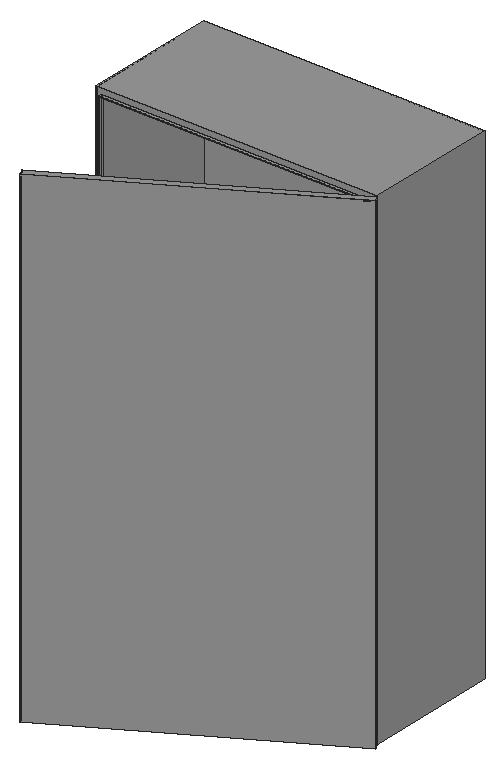
Revit family "Hager-Univers-IP55-D400-H1400-Cl.I-Steel_encl-NoHosted-CH-de", category Equipement électrique, Revit 2020
Family settings
  Configuration du panneau = Deux colonnes, circuits au sein
  Cote de connecteur circulaire = Utiliser le diamètre
  Type d'élément = Tableau de raccordement
  Basée sur le plan de construction = Oui
  Toujours verticalement = Oui
  Couper avec des vides une fois chargée = Non
  Partagée = Non
  Point de calcul de pièce = Non
Parameters (values of type "Aufputz IP55 B800 H1400 T400  - FR93G")
  Width Control [instance] = if([EF000008 - Breite] > Min Width, [EF000008 - Breite], Min Width)  # 800 mm
  Commentaires du type = [HG000003 - Bereich]  # "Univers"
  Thickness Door [instance] = if([EF009171 - Materialstärke Tür/Deckel] > 3 mm, 3 mm, [EF009171 - Materialstärke Tür/Deckel])  # 1.5 mm
  Seal Frame Offset [instance] = 17 mm  # constant formula
  Plinth Visibility [instance] = [HG000027 - Sockelhöhe] > 0 mm  # no
  Min Width [instance] = 100 mm  # constant formula
  Min Depth [instance] = (2 * [EF009170 - Materialstärke Gehäuse]) + 1 mm  # 4 mm
  Min Height [instance] = 100 mm  # constant formula
  Internal Frame Depth [instance] = (Door System Depth * 0.5)  # 9 mm
  Panel Name [instance] = ""  # (empty or 0)
  Model = ""
  HG000027 - Sockelhöhe = 0 mm
  HG000026 - Stehend auf dem Boden = no
  HG000024 - Höhe des unteren Teils = 600 mm
  HG000023 - Gehäuse mit doppeltem Querschnitt = no
  HG000016 - 3D-Türsichtbarkeit [instance] = yes
  HG000015 - Sichtbarkeit der Türöffnung [instance] = no
  HG000014 - Tür rechts [instance] = yes
  HG000013 - Tür links [instance] = not([HG000014 - Tür rechts])  # no
  HG000012 - Türschwenkwinkel [instance] = 30.00°
  HG000010 - Asymmetrische Türen = no
  HG000009 - Doppelflügeligen Tür = no
  HG000006 - Unterputz = no
  HG000004 - Herstellerreferenz = "FR93G"
  HG000003 - Bereich = "Univers"
  HG000002 - Mit tür = yes
  Frame Offset Bottom [instance] = 10 mm  # constant formula
  Frame Offset [instance] = 15 mm  # constant formula
  EF015940 - Deckel mit Überdruckentlastung = no
  EF011959 - Schutzart (NEMA) = ""
  EF009554 - Anzahl der Öffnungen für Flanschplatten = 6
  EF009212 - Ausführung Deckel = "EV000116 - geschlossen"
  EF009171 - Materialstärke Tür/Deckel = 1.5 mm
  EF009170 - Materialstärke Gehäuse = 1.5 mm
  EF008873 - Nennstrom (In) = 800 A
  EF007800 - Geeignet für Blitzschutz = no
  EF006306 - Mit Schloss = no
  EF006244 - Transparenter Deckel/Tür = no
  EF005474 - Schutzart (IP) = "EV006420 - IP55"
  EF004464 - Art der Tür = "EV002646 - Einzel"
  EF004427 - Anzahl der Module = 324
  EF004293 - Schlagfestigkeit = "EV008784 - IK10"
  EF003532 - Geeignet für Außengebrauch = no
  EF002950 - Breite in Teilungseinheiten = 24
  EF001613 - Funktionserhalt = "EV000494 - ohne"
  EF001596 - Werkstoff des Gehäuses = "EV000179 - Stahl"
  EF001131 - Innentiefe = 400 mm
  EF001088 - Anbaumöglichkeit = yes
  EF000437 - Anzahl der Leitungseinführungen = 6
  EF000339 - Art der Abdeckung = "EV004216 - Tür"
  EF000266 - Anzahl der Reihen = 9
  EF000218 - Einbautiefe = 0 mm
  EF000118 - Mit Montageplatte = no
  EF000116 - RAL-Nummer = "7035"
  EF000049 - Tiefe = 400 mm
  EF000040 - Höhe = 1400 mm
  EF000008 - Breite = 800 mm
  EF000007 - Farbe = "EV000270 - grau"
  EF000003 - Montageart = "EV000384 - Aufputz"
  Door System Leaf Tolerance [instance] = 1.5 mm  # constant formula
  Door System Depth [instance] = 18 mm  # constant formula
  Door Height [instance] = Height Control - [HG000027 - Sockelhöhe]  # 1400 mm
  Description = ""
  Default Elevation = 1219.2 mm
  Connector Offset [instance] = Height Control / 2  # 700 mm
  Fabricant = "Hager"  # constant formula
  Height Control [instance] = if([EF000040 - Höhe] > Min Height, [EF000040 - Höhe], Min Height)  # 1400 mm
  Depth Control [instance] = if([EF000049 - Tiefe] > Min Depth, [EF000049 - Tiefe], Min Depth)  # 400 mm
  Bottom Top Plate Trim [instance] = 1.5 mm  # constant formula
  Plinth height Ctrl [instance] = if([HG000027 - Sockelhöhe] > 0 mm, [HG000027 - Sockelhöhe], 12 mm)  # 12 mm
Types (3, lengths in mm): name | Width Control | HG000009 - Doppelflügeligen Tür | HG000004 - Herstellerreferenz | EF009554 - Anzahl der Öffnungen für Flanschplatten | EF004464 - Art der Tür | EF004427 - Anzahl der Module | EF000437 - Anzahl der Leitungseinführungen | EF000008 - Breite
  Aufputz IP55 B1050 H1400 T400  - FR94G | 1050 | yes | "FR94G" | 8 | "EV003602 - Doppel" | 432 | 8 | 1050
  Aufputz IP55 B550 H1400 T400  - FR92G | 550 | no | "FR92G" | 4 | "EV002646 - Einzel" | 216 | 4 | 550
  Aufputz IP55 B800 H1400 T400  - FR93G | 800 | no | "FR93G" | 6 | "EV002646 - Einzel" | 324 | 6 | 800
Reference planes
  plane 1 "Center (Front/Back)": y = 0
  plane 2: z = 0
  plane 3 "Center (Left/Right)": x = 0
  plane 4: y = 0
  plane 5: y = 0
  plane 6: z = 0
  plane 7: x = -400
  plane 8: x = 400
  plane 9: x = 398.5
  plane 10: x = -398.5
  plane 11: z = 0
  plane 12: z = 1.5
  plane 13: y = -400
  plane 14: y = -1.5
  plane 15: x = 0
  plane 16: y = -382
  plane 17: y = -398.5
  plane 18: y = -380.5
  plane 19: x = -383.5
  plane 20: x = 383.5
  plane 21: z = 11.5
  plane 22: x = -383
  plane 23: x = 383
  plane 24: z = 0
  plane 25: z = 1400
  plane 26: z = 1400
  plane 27: z = 1383.5
  plane 28: z = 1398.5
Forms (mm)
  Extrusion 1, solid, material "Hager_Steel_RAL7035_Light_Grey", detail levels medium+fine
    sketch origin (-208.679, -4572, 0) x (-1, 0, 0) y (0, -1, 0)
      loop
        line (191.321, -4190) -> (-608.679, -4190) -> (-608.679, -4572) -> (191.321, -4572) -> (191.321, -4190)
    from 0 to 1400
  Extrusion 2, void
    sketch origin (-350.771, -400, 1219.2) x (1, 0, 0) y (0, 0, 1)
      loop
        line (-47.729, 179.3) -> (-47.729, -1217.7) -> (749.271, -1217.7) -> (749.271, 179.3) -> (-47.729, 179.3)
    from -19.5 to -398.5
  Extrusion 3, void
    sketch origin (-290.084, -382, 1219.2) x (1, 0, 0) y (0, 0, 1)
      loop
        line (-93.416, -1207.7) -> (673.584, -1207.7) -> (673.584, 164.3) -> (-93.416, 164.3) -> (-93.416, -1207.7)
    from 0 to -1.5
  Extrusion 4, solid, material "Hager_Steel_RAL7035_Light_Grey", visible <- "Plinth Visibility", detail levels medium+fine
    sketch origin (0, 0, 0) x (1, 0, 0) y (0, 1, 0)
      loop
        line (-400, 0) -> (-400, -382) -> (400, -382) -> (400, 0) -> (-400, 0)
    from 0 to 12 <- "Plinth height Ctrl"
  Extrusion 5, solid, material "Hager_Steel_RAL7035_Light_Grey", detail levels coarse
    sketch origin (0, 0, 0) x (1, 0, 0) y (0, 1, 0)
      loop
        line (-400, 0) -> (-400, -400) -> (400, -400) -> (400, 0) -> (-400, 0)
    from 0 to 1400 <- "Height Control"
  Sweep 6, void
    path in 3D
      loop
        line (-400, -382, 12) -> (400, -382, 12) -> (400, 0, 12) -> (-400, 0, 12) -> (-400, -382, 12)
    profile origin (-400, -191, 12) x (1, 0, 0) y (0, 0, 1)
      loop
        line (0, 0) -> (0, -1.5) -> (1.5, -1.5)
        arc (1.5, -1.5) -> (1.061, -0.439) -> (0, 0) r 1.5
  Extrusion 7, solid, material "Hager_Steel_RAL7035_Light_Grey", detail levels fine
    sketch origin (-400, -382, 0) x (1, 0, 0) y (0, 0, 1)
      loop
        line (16.5, 11.5) -> (783.5, 11.5) -> (783.5, 1383.5) -> (16.5, 1383.5) -> (16.5, 11.5)
      loop
        line (15, 10) -> (785, 10) -> (785, 1385) -> (15, 1385) -> (15, 10)
    from 0 to 9 <- "Internal Frame Depth"
Cuts and joins
  Extrusion 2, Extrusion 3 cuts Extrusion 1
  Sweep 6 cuts Extrusion 4
Lines and regions (mm)
  Masking region 1
    outline origin (0, 0, 0) x (1, 0, 0) y (0, 1, 0)
      loop
        line (-400, 0) -> (-400, -400) -> (400, -400) -> (400, 0) -> (-400, 0)
  Masking region 2, detail levels coarse
    outline origin (-290.084, -382, 1219.2) x (-1, 0, 0) y (0, 0, 1)
      loop
        line (-690.084, -1219.2) -> (109.916, -1219.2) -> (109.916, 180.8) -> (-690.084, 180.8) -> (-690.084, -1219.2)
  Masking region 3, detail levels coarse
    outline origin (0, 0, 0) x (0, 1, 0) y (0, 0, 1)
      loop
        line (0, 0) -> (0, 1400) -> (-400, 1400) -> (-400, 0) -> (0, 0)
  Masking region 4, visible <- "Plinth Visibility", detail levels medium+fine
    outline origin (0, 0, 0) x (0, 1, 0) y (0, 0, 1)
      loop
        line (-1.5, 12) -> (-380.5, 12)
        arc (-380.5, 12) -> (-380.939, 10.939) -> (-382, 10.5) r 1.5
        line (-382, 10.5) -> (-382, 0) -> (0, 0) -> (0, 10.5)
        arc (0, 10.5) -> (-1.061, 10.939) -> (-1.5, 12) r 1.5
  Masking region 5, detail levels medium+fine
    outline origin (0, 0, 594.038) x (0, 1, 0) y (0, 0, 1)
      loop
        line (0, -594.038) -> (0, 805.962) -> (-382, 805.962) -> (-382, -594.038) -> (0, -594.038)
  Masking region 6, detail levels medium+fine
    outline origin (-359.7, -382, 1211.883) x (-1, 0, 0) y (0, 0, 1)
      loop
        line (-759.7, -1211.883) -> (40.3, -1211.883) -> (40.3, 188.117) -> (-759.7, 188.117) -> (-759.7, -1211.883)
  Masking region 7, visible <- "Plinth Visibility", detail levels medium+fine
    outline origin (-320.334, -382, 1041.368) x (-1, 0, 0) y (0, 0, 1)
      loop
        line (-720.334, -1041.368) -> (79.666, -1041.368) -> (79.666, -1030.868)
        arc (79.666, -1030.868) -> (78.606, -1030.429) -> (78.166, -1029.368) r 1.5
        line (78.166, -1029.368) -> (-718.834, -1029.368)
        arc (-718.834, -1029.368) -> (-719.273, -1030.429) -> (-720.334, -1030.868) r 1.5
        line (-720.334, -1030.868) -> (-720.334, -1041.368)
  sketch lines
    curve 1: line (-400, 0, 12) -> (-400, -382, 12)
    curve 2: line (-400, -382, 12) -> (400, -382, 12)
    curve 3: line (400, 0, 12) -> (-400, 0, 12)
    curve 4: line (400, -382, 12) -> (400, 0, 12)
Dimensions and locks
  locked: plane 1 "Center (Front/Back)" to plane 5
  "EF009170 - Materialstärke Gehäuse": plane 7 to plane 10
  "EF009170 - Materialstärke Gehäuse": plane 8 to plane 9
  equal spacing: plane 7, plane 3 "Center (Left/Right)", plane 8
  "Width Control": plane 7 to plane 8
  "Depth Control": plane 4 to plane 13
  "EF009170 - Materialstärke Gehäuse": plane 4 to plane 14
  "Height Control": plane 25 to level
  "HG000027 - Sockelhöhe": plane 11 to level
  "EF009170 - Materialstärke Gehäuse": plane 12 to plane 11
  "EF009170 - Materialstärke Gehäuse": plane 17 to plane 13
  "EF009170 - Materialstärke Gehäuse": plane 18 to plane 16
  "Frame Offset Bottom": plane 21 to plane 12
  "Frame Offset": plane 10 to plane 19
  "Frame Offset": plane 9 to plane 20
  "Door System Depth": plane 16 to plane 13
  "Seal Frame Offset": plane 7 to plane 22
  "Seal Frame Offset": plane 8 to plane 23
  "EF009170 - Materialstärke Gehäuse": plane 26 to plane 28
  "Frame Offset": plane 28 to plane 27
  "Connector Offset": plane 2 to connector elem
  "Bottom Top Plate Trim": profile plane to Sweep 6 sketch curve
  "Bottom Top Plate Trim": Sweep 6 sketch curve to Sweep 6 sketch curve
  "Plinth height Ctrl": Masking region 4 sketch curve to level
  "Plinth height Ctrl": Masking region 7 sketch curve to level
  "Thickness Door": Extrusion 7 sketch curve to Extrusion 7 sketch curve  (x4)
  "Bottom Top Plate Trim": radius of Sweep 6 sketch curve
  "Bottom Top Plate Trim": radius of Masking region 4 sketch curve  (x2)
  "Bottom Top Plate Trim": radius of Masking region 7 sketch curve  (x2)
  aligned and locked: Extrusion 2 sketch curve to plane 12
  aligned and locked: Extrusion 2 sketch curve to plane 9
  aligned and locked: Extrusion 2 sketch curve to plane 10
  aligned and locked: Extrusion 2 to plane 14
  aligned and locked: Extrusion 1 sketch curve to plane 4
  aligned and locked: plane 8 to Extrusion 1 sketch curve
  aligned and locked: plane 7 to Extrusion 1 sketch curve
  aligned and locked: Extrusion 2 to plane 18
  aligned and locked: Extrusion 3 sketch curve to plane 19
  aligned and locked: plane 20 to Extrusion 3 sketch curve
  aligned and locked: Extrusion 3 to Extrusion 2
  aligned and locked: Extrusion 3 sketch curve to plane 21
  aligned and locked: plane 3 "Center (Left/Right)" to nested 1
  aligned and locked: Extrusion 1 sketch curve to plane 16
  aligned and locked: Extrusion 4 sketch curve to cut or joined group of Extrusion 1, Extrusion 2, Extrusion 3
  aligned and locked: Masking region 1 sketch curve to plane 7
  aligned and locked: Masking region 1 sketch curve to plane 5
  aligned and locked: Masking region 1 sketch curve to plane 8
  aligned and locked: Masking region 2 sketch curve to level
  aligned and locked: level to Masking region 3 sketch curve
  aligned and locked: plane 1 "Center (Front/Back)" to Masking region 3 sketch curve
  aligned and locked: plane 13 to Masking region 3 sketch curve
  aligned and locked: plane 5 to Masking region 4 sketch curve
  aligned and locked: Masking region 2 sketch curve to plane 8
  aligned and locked: Masking region 2 sketch curve to plane 7
  aligned and locked: plane 7 to nested 2
  aligned and locked: nested 2 to plane 5
  aligned and locked: plane 5 to Masking region 5 sketch curve
  aligned and locked: plane 26 to Masking region 5 sketch curve
  aligned and locked: Extrusion 5 sketch curve to plane 8
  aligned and locked: Extrusion 5 sketch curve to plane 7
  aligned and locked: Extrusion 5 sketch curve to plane 5
  aligned and locked: Extrusion 3 sketch curve to plane 27
  aligned and locked: Extrusion 2 sketch curve to plane 28
  aligned and locked: Masking region 2 to plane 25
  aligned and locked: Extrusion 4 to plane 16
  aligned and locked: profile plane to Sweep 6 sketch curve
  aligned and locked: Masking region 5 sketch curve to plane 24
  aligned and locked: level to Masking region 4 sketch curve
  aligned and locked: Masking region 1 to plane 13
  aligned and locked: nested 1 to plane 16
  aligned and locked: Masking region 3 to plane 25
  aligned and locked: plane 16 to Masking region 4 sketch curve
  aligned and locked: Masking region 5 sketch curve to plane 16
  aligned and locked: plane 24 to plane 11
  aligned and locked: plane 26 to plane 25
  aligned and locked: plane 26 to cut or joined group of Extrusion 1, Extrusion 2, Extrusion 3
  aligned and locked: nested 1 to plane 24
  aligned and locked: Extrusion 1 to Extrusion 3
  aligned and locked: Masking region 6 sketch curve to plane 8
  aligned and locked: Masking region 6 sketch curve to plane 24
  aligned and locked: Masking region 6 sketch curve to plane 7
  aligned and locked: Masking region 6 sketch curve to plane 26
  aligned and locked: Masking region 7 sketch curve to plane 7
  aligned and locked: level to Masking region 7 sketch curve
  aligned and locked: Masking region 7 sketch curve to plane 8
  aligned and locked: Extrusion 7 sketch curve to cut or joined group of Extrusion 1, Extrusion 2, Extrusion 3  (x4)
Automatic sketch dimensions
  plane 19 to Extrusion 3 sketch curve = 0 mm
  Extrusion 3 sketch curve to plane 20 = 0 mm
  Extrusion 3 sketch curve to plane 21 = 0 mm
  Extrusion 4 sketch curve to plane 7 = 0 mm
  Extrusion 4 sketch curve to plane 8 = 0 mm
  Extrusion 4 sketch curve to plane 16 = 0 mm
  Masking region 1 sketch curve to plane 13 = 0 mm
  Masking region 2 sketch curve to plane 25 = 0 mm
  Masking region 3 sketch curve to plane 25 = 0 mm
  Extrusion 5 sketch curve to plane 13 = 0 mm
  profile plane to Sweep 6 sketch curve = 0 mm
Nested families
  nested 1: "EC000058_Univers_Door" at (0, -382, 0), Double <- "HG000009 - Doppelflügeligen Tür", Transparent <- "EF006244 - Transparenter Deckel/Tür", Angle <- "HG000012 - Türschwenkwinkel", Door_Right <- "HG000014 - Tür rechts", Assymetrical <- "HG000010 - Asymmetrische Türen", Door <- "HG000002 - Mit tür", Width_Ctrl <- "Width Control", 3d_Door <- "HG000016 - 3D-Türsichtbarkeit", Clearance <- "HG000015 - Sichtbarkeit der Türöffnung", Door_Left <- "HG000013 - Tür links", Width <- "Width Control", Door_Depth <- "Door System Depth", Leaf_Tolerance <- "Door System Leaf Tolerance", Height <- "Door Height", Lock_Visibility <- "EF006306 - Mit Schloss", Thickness <- "Thickness Door", type "EC000058_Univers_Door", detail levels medium+fine
    with min_wh 4 mm, Width_Ctrl 800 mm, Width 800 mm, Transparent no, Thickness 1.5 mm, Seal_Material Hager_Rubber, Lock_Visibility no, Lock_Material Hager_Plastic_RAL9005_Jet_Black, Leaf_Width 800 mm, Leaf_Tolerance_External_Sides 0 mm, Leaf_Tolerance 1.5 mm, Leaf_Offset 0 mm, Leaf_Height 1397 mm, Leaf_2_Width 800 mm, Leaf_2_Offset 400 mm, Leaf_1_Width 800 mm, Leaf_1_Offset 400 mm, Height_Ctrl 1400 mm, Height 1400 mm, Glass_Material Hager_Glass, Double_Clearance_Ctrl no, Double no, Door_Right_Ctrl yes, Door_Right yes, Door_Material Hager_Steel_RAL7035_Light_Grey, Door_Left_Ctrl no, Door_Left no, Door_Depth 18 mm, Door yes, Clearance_Material Hager_Clearance, Clearance_Depth 800 mm, Clearance_Ctrl no, Clearance no, Assymetrical no, Angle 30.00°, 3d_Door yes
  nested 2: "Hager_Enclosure_Symbol" at (-400, 0, 0), Height <- "Depth Control", Width <- "Width Control", type "Hager_Enclosure_Symbol"
    with Width_Ctrl 800 mm, Width 800 mm, Height_Ctrl 400 mm, Height 400 mm, A_Width_Int 26.25 mm, A_Width 315 mm, A_Height_Ctrl 350 mm, A_Height 350 mm
Connectors
  electrical at (0, 0, 700)
    settings: on plane 1 "Center (Front/Back)", index 1, voltage 0 V, apparent load 0 VA, apparent load phase1 0 VA, apparent load phase2 0 VA, apparent load phase3 0 VA, power factor 1, load classification "Other", number of poles 1, system type 30, power factor state 1, is connector primary yes, connector utility no, sub classification motor no, connector description ""
Definition of nested family "EC000058_Univers_Door"
  Parameters (values of type "EC000058_Univers_Door")
    min_wh [instance] = (2 * Thickness) + 1 mm  # 11 mm
    Width_Ctrl [instance] = 400 mm
    Width [instance] = 500 mm
    Transparent [instance] = yes
    Thickness [instance] = 5 mm
    Seal_Material [instance] = none
    Lock_Visibility [instance] = yes
    Lock_Material [instance] = none
    Leaf_Width [instance] = if((Width_Ctrl - 2 * Leaf_Tolerance_External_Sides) > 0 mm, (Width_Ctrl - 2 * Leaf_Tolerance_External_Sides), min_wh)  # 400 mm
    Leaf_Tolerance_External_Sides [instance] = 0 mm  # constant formula
    Leaf_Tolerance [instance] = 1.5 mm
    Leaf_Offset [instance] = 0 mm  # constant formula
    Leaf_Height [instance] = if((Height_Ctrl - 2 * Leaf_Tolerance) > 0 mm, (Height_Ctrl - 2 * Leaf_Tolerance), min_wh)  # 497 mm
    Leaf_2_Width [instance] = if(and(and(Double, Assymetrical), Door_Left), (Leaf_Width / 3) - (Leaf_Tolerance / 2), if(and(and(Double, Assymetrical), Door_Right), (Leaf_Width / 3) * 2 - (Leaf_Tolerance / 2), if(and(Double, not(Assymetrical)), (Leaf_Width / 2) - Leaf_Tolerance, Leaf_Width)))  # 400 mm
    Leaf_2_Offset [instance] = if(and(Double, Assymetrical), Leaf_2_Width / 2, if(and(Double, not(Assymetrical)), Leaf_Width / 4, Leaf_Width / 2))  # 200 mm
    Leaf_1_Width [instance] = if(and(and(Double, Assymetrical), Door_Right), (Leaf_Width / 3) - (Leaf_Tolerance / 2), if(and(and(Double, Assymetrical), Door_Left), (Width / 3) * 2 - (Leaf_Tolerance / 2), if(and(Double, not(Assymetrical)), (Leaf_Width / 2) - Leaf_Tolerance, Leaf_Width)))  # 400 mm
    Leaf_1_Offset [instance] = if(and(Double, Assymetrical), Leaf_1_Width / 2, if(and(Double, not(Assymetrical)), Leaf_Width / 4, Leaf_Width / 2))  # 200 mm
    Height_Ctrl [instance] = if(Height > min_wh, Height, min_wh)  # 500 mm
    Height [instance] = 500 mm
    Glass_Material [instance] = none
    Double_Clearance_Ctrl [instance] = and(Double, Clearance)  # no
    Double [instance] = no
    Door_Right_Ctrl [instance] = and(or(Door_Right, Double), Door)  # yes
    Door_Right [instance] = yes
    Door_Material [instance] = none
    Door_Left_Ctrl [instance] = and(or(Door_Left, Double), Door)  # no
    Door_Left [instance] = no
    Door_Depth [instance] = 30 mm
    Door [instance] = yes
    Default Elevation = 1219.2 mm
    Clearance_Material [instance] = none
    Clearance_Depth [instance] = if(Leaf_1_Width > Leaf_2_Width, Leaf_1_Width, Leaf_2_Width)  # 400 mm
    Clearance_Ctrl [instance] = and(not(Double), Clearance)  # yes
    Clearance [instance] = yes
    Assymetrical [instance] = yes
    Angle [instance] = 30.00°
    3d_Door [instance] = yes
  Reference planes
    plane 1 "Center (Front/Back)": y = 0
    plane 2 "Bottom": z = 0
    plane 3 "Center (Left/Right)": x = 0
    plane 4: z = 500
    plane 5: x = -200
    plane 6: x = 200
    plane 7: z = 500
    plane 8: x = -200
    plane 9: z = 0
    plane 10: x = 200
    plane 11: y = 0
    plane 12: z = 1.5
    plane 13: x = -600
    plane 14: y = -400
    plane 15: x = 600
    plane 16: x = 0
    plane 17: x = 0
    plane 18: x = -200
    plane 19: x = 200
    plane 20: z = 498.5
  Forms (mm)
    Extrusion 1, solid, material <- "Clearance_Material", visible <- "Double_Clearance_Ctrl"
      sketch origin (1200, 0, 0) x (1, 0, 0) y (0, 0, -1)
        loop
          line (-1800, -498.5) -> (-600, -498.5) -> (-600, 0) -> (-1800, 0) -> (-1800, -498.5)
      from 0 to -400
  Dimensions and locks
    equal spacing: plane 5, plane 3 "Center (Left/Right)", plane 6
    "Width_Ctrl": plane 5 to plane 6
    "Leaf_Offset": plane 5 to plane 8
    "Leaf_Offset": plane 6 to plane 10
    "Leaf_Offset": plane 9 to level
    "Leaf_Offset": plane 4 to plane 7
    "Height_Ctrl": plane 4 to level
    "Leaf_Tolerance": plane 12 to plane 9
    locked: plane 11 to plane 1 "Center (Front/Back)"
    "Leaf_1_Offset": plane 18 to plane 16
    "Leaf_2_Offset": plane 17 to plane 19
    "Leaf_1_Width": plane 13 to plane 8
    "Leaf_2_Width": plane 10 to plane 15
    "Clearance_Depth": plane 14 to plane 1 "Center (Front/Back)"
    "Leaf_Tolerance_External_Sides": plane 8 to plane 18
    "Leaf_Tolerance_External_Sides": plane 19 to plane 10
    "Leaf_Tolerance": plane 7 to plane 20
    aligned and locked: level to plane 2 "Bottom"
    aligned and locked: nested 1 to plane 16
    aligned and locked: nested 2 to plane 17
    aligned and locked: Extrusion 1 to plane 13
    aligned and locked: plane 15 to Extrusion 1
    aligned and locked: Extrusion 1 to plane 14
    aligned and locked: plane 12 to nested 1
    aligned and locked: nested 2 to plane 12
    aligned and locked: Extrusion 1 to plane 11
    aligned and locked: plane 20 to Extrusion 1
    aligned and locked: nested 2 to plane 11
    aligned and locked: nested 1 to plane 11
  Automatic sketch dimensions
    Extrusion 1 sketch curve to level = 0 mm
    plane 5 to Extrusion 1 sketch curve = 400 mm
    plane 6 to Extrusion 1 sketch curve = 400 mm
    Extrusion 1 sketch curve to plane 4 = 1.5 mm
  Nested families
    nested 1: "EC000058_Univers_Door_Leaf" at (0, 0, 1.5), Width <- "Leaf_1_Width", visible <- "Door_Left_Ctrl", Leaf_Height <- "Leaf_Height", Angle <- "Angle", 3d_Door <- "3d_Door", Transparent <- "Transparent", Clearance Material <- "Clearance_Material", Clearance <- "Clearance_Ctrl", Door_Material <- "Door_Material", Glass_Material <- "Glass_Material", Door_Depth <- "Door_Depth", Lock_Material <- "Lock_Material", Seal_Material <- "Seal_Material", Lock_Visibility <- "Lock_Visibility", Thickness <- "Thickness", type "EC000058_Univers_Door_Leaf"
      with Width 400 mm, Transparent_Glass_Offset 30 mm, Transparent_Ctrl yes, Transparent yes, Thickness 5 mm, Standard no, Seal_Material none, Seal_D2 8 mm, Seal_D1 1 mm, Offset_Internal_Frame 10 mm, Lock_Width 20 mm, Lock_Visibility_3d yes, Lock_Visibility yes, Lock_Thickness_3 3 mm, Lock_Thickness_2 1 mm, Lock_Thickness_1 3 mm, Lock_Radius_Offset_2 16 mm, Lock_Radius_Offset_1 15 mm, Lock_Radius_2 5 mm, Lock_Radius 6 mm, Lock_Offset 5 mm, Lock_Material none, Lock_Height 80 mm, Lock_Cover_Top_Offset_2d 17 mm, Lock_Cover_Height -65 mm, Leaf_Height 497 mm, Internal_Seal_Thickness 8 mm, Internal_Seal_Depth_2 4.5 mm, Internal_Frame_Depth 25 mm, Glass_Thickness -1 mm, Glass_Offset -2 mm, Glass_Material none, Door_Material none, Door_Depth 30 mm, Clearance Material none, Clearance yes, Angle_Ctrl 30.00°, Angle 30.00°, 3d_Door yes
    nested 2: "EC000058_Univers_Door_Leaf" at (0, 0, 1.5) x (-1, 0, 0) z (0, 0, 1), Width <- "Leaf_2_Width", visible <- "Door_Right_Ctrl", Leaf_Height <- "Leaf_Height", Angle <- "Angle", 3d_Door <- "3d_Door", Transparent <- "Transparent", Clearance Material <- "Clearance_Material", Clearance <- "Clearance_Ctrl", Door_Material <- "Door_Material", Glass_Material <- "Glass_Material", Door_Depth <- "Door_Depth", Lock_Material <- "Lock_Material", Seal_Material <- "Seal_Material", Lock_Visibility <- "Lock_Visibility", Thickness <- "Thickness", type "EC000058_Univers_Door_Leaf"
      with Width 400 mm, Transparent_Glass_Offset 30 mm, Transparent_Ctrl yes, Transparent yes, Thickness 5 mm, Standard no, Seal_Material none, Seal_D2 8 mm, Seal_D1 1 mm, Offset_Internal_Frame 10 mm, Lock_Width 20 mm, Lock_Visibility_3d yes, Lock_Visibility yes, Lock_Thickness_3 3 mm, Lock_Thickness_2 1 mm, Lock_Thickness_1 3 mm, Lock_Radius_Offset_2 16 mm, Lock_Radius_Offset_1 15 mm, Lock_Radius_2 5 mm, Lock_Radius 6 mm, Lock_Offset 5 mm, Lock_Material none, Lock_Height 80 mm, Lock_Cover_Top_Offset_2d 17 mm, Lock_Cover_Height -65 mm, Leaf_Height 497 mm, Internal_Seal_Thickness 8 mm, Internal_Seal_Depth_2 4.5 mm, Internal_Frame_Depth 25 mm, Glass_Thickness -1 mm, Glass_Offset -2 mm, Glass_Material none, Door_Material none, Door_Depth 30 mm, Clearance Material none, Clearance yes, Angle_Ctrl 30.00°, Angle 30.00°, 3d_Door yes
  Definition of nested family "EC000058_Univers_Door_Leaf"
    Parameters (values of type "EC000058_Univers_Door_Leaf")
      Width [instance] = 2000 mm
      Transparent_Glass_Offset [instance] = 30 mm
      Transparent_Ctrl [instance] = and(Transparent, [3d_Door])  # yes
      Transparent [instance] = yes
      Thickness [instance] = 5 mm
      Standard [instance] = and(not(Transparent), [3d_Door])  # no
      Seal_Material [instance] = none
      Seal_D2 [instance] = 8 mm  # constant formula
      Seal_D1 [instance] = 1 mm  # constant formula
      Offset_Internal_Frame [instance] = 10 mm  # constant formula
      Lock_Width [instance] = 20 mm  # constant formula
      Lock_Visibility_3d [instance] = and(Lock_Visibility, [3d_Door])  # yes
      Lock_Visibility [instance] = yes
      Lock_Thickness_3 [instance] = 3 mm  # constant formula
      Lock_Thickness_2 [instance] = 1 mm  # constant formula
      Lock_Thickness_1 [instance] = 3 mm  # constant formula
      Lock_Radius_Offset_2 [instance] = Lock_Radius_Offset_1 + 1 mm  # 16 mm
      Lock_Radius_Offset_1 [instance] = 15 mm  # constant formula
      Lock_Radius_2 [instance] = Lock_Radius - 1 mm  # 5 mm
      Lock_Radius [instance] = 6 mm  # constant formula
      Lock_Offset [instance] = 5 mm  # constant formula
      Lock_Material [instance] = none
      Lock_Height [instance] = 80 mm  # constant formula
      Lock_Cover_Top_Offset_2d [instance] = Lock_Radius_Offset_2 + 1 mm  # 17 mm
      Lock_Cover_Height [instance] = -(Lock_Height - Lock_Radius_Offset_1)  # -65 mm
      Leaf_Height [instance] = 2720.336 mm
      Internal_Seal_Thickness [instance] = 8 mm  # constant formula
      Internal_Seal_Depth_2 [instance] = 4.5 mm  # constant formula
      Internal_Frame_Depth [instance] = if(Door_Depth - Thickness > 5 mm, Door_Depth - Thickness, 5 mm)  # 25 mm
      Glass_Thickness [instance] = if(Thickness > 15 mm, Glass_Offset + 10 mm, -1 mm)  # -1 mm
      Glass_Offset [instance] = if(Thickness > 15 mm, -(Thickness + 10 mm) / 2, -2 mm)  # -2 mm
      Glass_Material [instance] = none
      Door_Material [instance] = none
      Door_Depth [instance] = 30 mm
      Default Elevation = 0 mm
      Clearance Material [instance] = none
      Clearance [instance] = yes
      Angle_Ctrl [instance] = if(Angle > 180.00°, 180.00°, Angle)  # 90.00°
      Angle [instance] = 90.00°
      3d_Door [instance] = yes
    Reference planes
      plane 1 "Center (Front/Back)": y = 0
      plane 2: z = 0
      plane 3 "Center (Left/Right)": x = 0
      plane 4: y = 2000
      plane 5: x = -1000
      plane 6: x = 1000
      plane 7: x = -3000
      plane 8: z = 2720.336
      plane 9: z = 30
      plane 10: z = 2690.336
      plane 11: x = 970
      plane 12: x = -970
      plane 13: y = -3
      plane 14: z = 107.833
      plane 15: y = -5
      plane 16: y = -223.314
      plane 17: x = -1000
      plane 18: z = 1360.168
      plane 19: y = 30
    Forms (mm)
      Extrusion 1, solid, material <- "Clearance Material", visible <- "Clearance"
        sketch origin (0, 0, 0) x (1, 0, 0) y (0, 0, 1)
          loop
            line (-3000, 2720.336) -> (-3000, 0) -> (1000, 0) -> (1000, 2720.336) -> (-3000, 2720.336)
        from 0 to -2000
      Extrusion 2, solid, material <- "Door_Material", visible <- "Standard", detail levels medium+fine
        sketch origin (-1000, 0, 0) x (0, 1, 0) y (-1, 0, 0)
          loop
            line (0, 30) -> (0, 25) -> (2000, 25) -> (2000, 30) -> (0, 30)
        from 0 to 2720.336 <- "Leaf_Height"
      Extrusion 3, solid, material <- "Door_Material", visible <- "Transparent_Ctrl", detail levels medium+fine
        sketch origin (-1000, 0, 0) x (0, 1, 0) y (-1, 0, 0)
          loop
            line (0, 25) -> (2000, 25) -> (2000, 30) -> (0, 30) -> (0, 25)
        from 0 to 2720.336 <- "Leaf_Height"
      Extrusion 4, void
        sketch origin (-1025, 2000, 0) x (0, 1, 0) y (0, 0, -1)
          loop
            line (-30, -2690.336) -> (-30, -30) -> (-1970, -30) -> (-1970, -2690.336) -> (-30, -2690.336)
        from 0 to 5 <- "Thickness"
      Sweep 5, solid, material <- "Seal_Material", visible <- "Transparent_Ctrl", detail levels fine
        path in 3D
          loop
            line (-1025, 30, 30) -> (-1025, 30, 2690.336) -> (-1025, 1970, 2690.336) -> (-1025, 1970, 30) -> (-1025, 30, 30)
        profile origin (-1025, 1000, 30) x (1, 0, 0) y (0, 0, 1)
          loop
            line (0, 0) -> (0, -8) -> (1, -8) -> (1, 0) -> (0, 0)
      Extrusion 6, solid, material <- "Glass_Material", visible <- "Transparent_Ctrl", detail levels medium+fine
        sketch origin (-1030, 0, 0) x (0, 1, 0) y (0, 0, -1)
          loop
            line (1970, -2690.336) -> (1970, -30) -> (30, -30) -> (30, -2690.336) -> (1970, -2690.336)
        from -2 <- "Glass_Offset" to -1 <- "Glass_Thickness"
      Extrusion 7, solid, material <- "Door_Material", visible <- "3d_Door", detail levels medium+fine
        sketch origin (-1025, 2000, 0) x (0, -1, 0) y (0, 0, -1)
          loop
            line (0, -2720.336) -> (2000, -2720.336) -> (2000, 0) -> (0, 0) -> (0, -2720.336)
          loop
            line (1995, -5) -> (5, -5) -> (5, -2715.336) -> (1995, -2715.336) -> (1995, -5)
        from 0 to 25 <- "Internal_Frame_Depth"
      Sweep 8, solid, material <- "Seal_Material", visible <- "Transparent_Ctrl", detail levels fine
        path in 3D
          loop
            line (-1025, 0, 0) -> (-1025, 2000, 0) -> (-1025, 2000, 2720.336) -> (-1025, 0, 2720.336) -> (-1025, 0, 0)
        profile origin (-1025, 0, 1360.168) x (1, 0, 0) y (0, 1, 0)
          loop
            line (0, 10) -> (2.975, 10)
            arc (2.975, 10) -> (4.053, 10.447) -> (4.5, 11.525) r 1.525
            line (4.5, 11.525) -> (4.5, 16.527)
            arc (4.5, 16.527) -> (4.069, 17.569) -> (3.027, 18) r 1.473
            line (3.027, 18) -> (0, 18) -> (0, 10)
      Extrusion 9, solid, material <- "Lock_Material", visible <- "Lock_Visibility_3d", detail levels fine
        sketch origin (-1030, 0, 0) x (0, 1, 0) y (0, 0, -1)
          loop
            arc (1993.5, -1400.168) -> (1994.561, -1399.729) -> (1995, -1398.668) r 1.5
            line (1995, -1398.668) -> (1995, -1320.168) -> (1975, -1320.168) -> (1975, -1398.668)
            arc (1975, -1398.668) -> (1975.439, -1399.729) -> (1976.5, -1400.168) r 1.5
            line (1976.5, -1400.168) -> (1993.5, -1400.168)
        from 3 <- "Lock_Thickness_1" to 0
      Blend 10, solid, material <- "Lock_Material", visible <- "Lock_Visibility_3d", detail levels fine
        base sketch origin (-1033, 0, 0) x (0, 1, 0) y (0, 0, -1)
          loop
            line (1975, -1320.168) -> (1975, -1398.668)
            arc (1975, -1398.668) -> (1975.439, -1399.729) -> (1976.5, -1400.168) r 1.5
            line (1976.5, -1400.168) -> (1993.5, -1400.168)
            arc (1993.5, -1400.168) -> (1994.561, -1399.729) -> (1995, -1398.668) r 1.5
            line (1995, -1398.668) -> (1995, -1320.168) -> (1975, -1320.168)
        top sketch origin (-1033, 0, 0) x (0, 1, 0) y (0, 0, -1)
          loop
            line (1976, -1320.168) -> (1976, -1398.668)
            arc (1976, -1398.668) -> (1976.146, -1399.022) -> (1976.5, -1399.168) r 0.5
            line (1976.5, -1399.168) -> (1993.5, -1399.168)
            arc (1993.5, -1399.168) -> (1993.854, -1399.022) -> (1994, -1398.668) r 0.5
            line (1994, -1398.668) -> (1994, -1320.168) -> (1976, -1320.168)
        from 0 to 1 <- "Lock_Thickness_2"
      Blend 11, solid, material <- "Lock_Material", visible <- "Lock_Visibility_3d", detail levels fine
        base sketch origin (-1034, 0, 0) x (0, 1, 0) y (0, 0, -1)
          loop
            line (1978, -1320.168) -> (1978, -1384.168)
            arc (1978, -1384.168) -> (1985, -1391.168) -> (1992, -1384.168) r 7
            line (1992, -1384.168) -> (1992, -1320.168) -> (1978, -1320.168)
        top sketch origin (-1034, 0, 0) x (0, 1, 0) y (0, 0, -1)
          loop
            line (1991, -1320.168) -> (1979, -1320.168) -> (1979, -1383.168)
            arc (1979, -1383.168) -> (1985, -1389.168) -> (1991, -1383.168) r 6
            line (1991, -1383.168) -> (1991, -1320.168)
        from 0 to 3 <- "Lock_Thickness_3"
      Extrusion 12, solid, material <- "Lock_Material", visible <- "Lock_Visibility_3d", detail levels fine
        sketch origin (-1030, 1975, 1320.168) x (1, 0, 0) y (0, -1, 0)
          loop
            line (-7, -19) -> (-7, -1) -> (0, -1) -> (0, 0) -> (-8, 0) -> (-8, -20) -> (0, -20) -> (0, -19) -> (-7, -19)
        from 0 to -65 <- "Lock_Cover_Height"
      Extrusion 13, void
        sketch origin (-1038, 1995, 1320.168) x (-1, 0, 0) y (0, 0, -1)
          loop
            line (-5, -65) -> (0, -65) -> (-5, -60) -> (-5, -65)
        from 0 to 20 <- "Lock_Width"
      Extrusion 14, void
        sketch origin (-1038, 1975, 1320.168) x (0, -1, 0) y (0, 0, -1)
          loop
            circle (-10, -15.995) r 6
          loop
            circle (-10, -15.995) r 5
        from 0 to 2
      Extrusion 15, solid, material <- "Lock_Material", visible <- "Lock_Visibility_3d", detail levels medium
        sketch origin (-1030, 0, 0) x (0, 1, 0) y (0, 0, -1)
          loop
            arc (1993.5, -1400.168) -> (1994.561, -1399.729) -> (1995, -1398.668) r 1.5
            line (1995, -1398.668) -> (1995, -1320.168) -> (1975, -1320.168) -> (1975, -1398.668)
            arc (1975, -1398.668) -> (1975.439, -1399.729) -> (1976.5, -1400.168) r 1.5
            line (1976.5, -1400.168) -> (1993.5, -1400.168)
        from 8 to 0
    Cuts and joins
      Extrusion 4 cuts Extrusion 3
      Extrusion 13, Extrusion 14 cuts Extrusion 9
      Extrusion 14 cuts Blend 11
      Extrusion 13, Extrusion 14 cuts Extrusion 12
      joined: Extrusion 9, Blend 10, Blend 11, Extrusion 12
      Extrusion 14 cuts Extrusion 15
    Lines and regions (mm)
      Masking region 1, visible <- "Lock_Visibility", detail levels fine
        outline origin (0, 0, 0) x (0, 1, 0) y (0, 0, 1)
          loop
            line (30, 1320.168) -> (33, 1320.168) -> (33, 1400.168) -> (30, 1400.168) -> (30, 1320.168)
      Masking region 2, visible <- "Lock_Visibility", detail levels fine
        outline origin (0, 3.143, 0) x (0, 1, 0) y (0, 0, 1)
          loop
            line (29.857, 1354.168) -> (30.857, 1354.168) -> (30.857, 1366.168) -> (29.857, 1366.168) -> (29.857, 1354.168)
      Masking region 3, detail levels medium+fine
        outline origin (0, 0, 0) x (0, 1, 0) y (0, 0, 1)
          loop
            line (0, 0) -> (30, 0) -> (30, 2720.336) -> (0, 2720.336) -> (0, 0)
      Masking region 4, detail levels medium+fine
        outline origin (0, 0, 0) x (1, 0, 0) y (0, 0, 1)
          loop
            line (-1000, 2720.336) -> (-1000, 0) -> (1000, 0) -> (1000, 2720.336) -> (-1000, 2720.336)
      Masking region 5, visible <- "Lock_Visibility", detail levels fine
        outline origin (-47.116, 0, 0) x (1, 0, 0) y (0, 0, 1)
          loop
            arc (1024.616, 1399.168) -> (1023.556, 1398.729) -> (1023.116, 1397.668) r 1.5
            line (1023.116, 1397.668) -> (1023.116, 1320.168) -> (1041.116, 1320.168) -> (1041.116, 1397.668)
            arc (1041.116, 1397.668) -> (1040.677, 1398.729) -> (1039.616, 1399.168) r 1.5
            line (1039.616, 1399.168) -> (1024.616, 1399.168)
      Masking region 6, visible <- "Lock_Visibility", detail levels medium+fine
        outline origin (-25, 0, 0) x (1, 0, 0) y (0, 0, 1)
          loop
            arc (1001.5, 1400.168) -> (1000.439, 1399.729) -> (1000, 1398.668) r 1.5
            line (1000, 1398.668) -> (1000, 1320.168) -> (1020, 1320.168) -> (1020, 1398.668)
            arc (1020, 1398.668) -> (1019.561, 1399.729) -> (1018.5, 1400.168) r 1.5
            line (1018.5, 1400.168) -> (1001.5, 1400.168)
      Masking region 7, visible <- "Lock_Visibility", detail levels fine
        outline origin (-73.735, 0, 0) x (1, 0, 0) y (0, 0, 1)
          loop
            line (1051.735, 1382.168) -> (1065.735, 1382.168) -> (1065.735, 1384.168)
            arc (1065.735, 1384.168) -> (1058.735, 1391.168) -> (1051.735, 1384.168) r 7
            line (1051.735, 1384.168) -> (1051.735, 1382.168)
      Masking region 8, visible <- "Lock_Visibility", detail levels fine
        outline origin (-73.735, 0, 0) x (1, 0, 0) y (0, 0, 1)
          loop
            line (1052.735, 1382.168) -> (1064.735, 1382.168) -> (1064.735, 1383.168)
            arc (1064.735, 1383.168) -> (1058.735, 1389.168) -> (1052.735, 1383.168) r 6
            line (1052.735, 1383.168) -> (1052.735, 1382.168)
      Masking region 9, visible <- "Lock_Visibility", detail levels fine
        outline origin (-25, 0, 0) x (1, 0, 0) y (0, 0, 1)
          loop
            line (1020, 1320.168) -> (1020, 1382.168) -> (1000, 1382.168) -> (1000, 1320.168) -> (1020, 1320.168)
      Masking region 10, detail levels medium+fine
        outline origin (0, 0, 0) x (1, 0, 0) y (0, 0, 1)
          loop
            circle (985, 1335.144) r 6
      Masking region 11, detail levels fine
        outline origin (0, 0, 0) x (1, 0, 0) y (0, 0, 1)
          loop
            circle (985, 1335.144) r 5
      Masking region 12, visible <- "Lock_Visibility", detail levels fine
        outline origin (0, 12.767, 0) x (0, 1, 0) y (0, 0, 1)
          loop
            line (20.233, 1320.168) -> (21.233, 1320.168) -> (21.233, 1399.168) -> (20.233, 1400.168) -> (20.233, 1320.168)
      Masking region 13, visible <- "Lock_Visibility", detail levels fine
        outline origin (0, 13.767, -10) x (0, 1, 0) y (0, 0, 1)
          loop
            line (20.233, 1330.168) -> (23.233, 1330.168) -> (23.233, 1399.168) -> (20.233, 1402.168) -> (20.233, 1330.168)
      Masking region 14, visible <- "Lock_Visibility", detail levels fine
        outline origin (0, 12.767, -10) x (0, 1, 0) y (0, 0, 1)
          loop
            line (20.233, 1330.168) -> (25.233, 1330.168) -> (25.233, 1399.305) -> (20.233, 1394.305) -> (20.233, 1330.168)
      Masking region 15, visible <- "Lock_Visibility", detail levels medium
        outline origin (0, 0, 0) x (0, 1, 0) y (0, 0, 1)
          loop
            line (30, 1320.168) -> (38, 1320.168) -> (38, 1400.168) -> (30, 1400.168) -> (30, 1320.168)
      Masking region 16, visible <- "Lock_Visibility", detail levels fine
        outline origin (-1000, 0, 0) x (0, 1, 0) y (-1, 0, 0)
          loop
            line (1975, 30) -> (1995, 30) -> (1995, 38) -> (1975, 38) -> (1975, 30)
          loop
            line (1979, 37) -> (1976, 37) -> (1976, 34) -> (1978, 34) -> (1979, 37)
          loop
            line (1994, 37) -> (1991, 37) -> (1992, 34) -> (1994, 34) -> (1994, 37)
      Masking region 17, visible <- "Lock_Visibility", detail levels medium
        outline origin (-1000, 0, 0) x (0, 1, 0) y (-1, 0, 0)
          loop
            line (1975, 30) -> (1995, 30) -> (1995, 38) -> (1975, 38) -> (1975, 30)
      symbolic lines
        curve 1: line (1000, 0, 0) -> (-3000, 0, 0)
        curve 2: arc (1000, 0, 0) -> (-1000, 2000, 0) -> (-3000, 0, 0) r 2000
        curve 4: line (-1030, 0, 0) -> (-1030, 2000, 0)
      reference lines
        curve 3: line (-1000, 0, 0) -> (-1000, 2000, 0)
      symbolic lines, detail levels medium+fine
        curve 5: line (-1030, 2000, 0) -> (-1025, 2000, 0)
        curve 7: line (-1025, 0, 0) -> (-1030, 0, 0)
        curve 8: line (-1025, 0, 0) -> (-1000, 0, 0)
        curve 9: line (-1000, 0, 0) -> (-1000, 2000, 0)
        curve 10: line (-1000, 2000, 0) -> (-1025, 2000, 0)
      symbolic lines, detail levels fine
        curve 6: line (-1025, 2000, 0) -> (-1025, 0, 0)
      sketch lines
        curve 11: line (-1025, 0, 2720.336) -> (-1025, 0, 0)
        curve 12: line (-1025, 2000, 0) -> (-1025, 0, 0)
        curve 13: line (-1025, 2000, 2720.336) -> (-1025, 2000, 0)
        curve 14: line (-1025, 0, 2720.336) -> (-1025, 2000, 2720.336)
        curve 15: line (-1025, 1970, 30) -> (-1025, 30, 30)
        curve 16: line (-1025, 30, 30) -> (-1025, 30, 2690.336)
        curve 17: line (-1025, 1970, 2690.336) -> (-1025, 1970, 30)
        curve 18: line (-1025, 30, 2690.336) -> (-1025, 1970, 2690.336)
      symbolic lines, visible <- "Transparent", detail levels medium+fine
        curve 19: line (-970, 0, 2690.336) -> (970, 0, 2690.336)
        curve 20: line (-970, 0, 30) -> (-970, 0, 2690.336)
        curve 21: line (970, 0, 30) -> (-970, 0, 30)
        curve 22: line (970, 0, 2690.336) -> (970, 0, 30)
    Dimensions and locks
      "Width": plane 1 "Center (Front/Back)" to plane 4
      equal spacing: plane 5, plane 3 "Center (Left/Right)", plane 6
      "Width": plane 5 to plane 6
      "Width": plane 7 to plane 5
      "Leaf_Height": plane 8 to level
      "Width": curve 5 to curve 3
      "Width": curve 3 to curve 3
      plane 8 to plane 10 = 30 mm
      plane 9 to level = 30 mm
      plane 12 to plane 5 = 30 mm
      plane 6 to plane 11 = 30 mm
      Extrusion 1 to Extrusion 4 sketch curve = 30 mm
      "Transparent_Glass_Offset": curve 3 to Extrusion 4 sketch curve
      "Transparent_Glass_Offset": Extrusion 4 sketch curve to cut or joined group of Extrusion 3, Extrusion 4  (x2)
      cut or joined group of Extrusion 3, Extrusion 4 to Extrusion 6 sketch curve = 30 mm
      "Transparent_Glass_Offset": cut or joined group of Extrusion 3, Extrusion 4 to Extrusion 4 sketch curve
      "Thickness": curve 6 to curve 4
      "Thickness": Extrusion 7 sketch curve to Extrusion 7 sketch curve  (x4)
      "Door_Depth": curve 4 to curve 3
      "Offset_Internal_Frame": profile plane to Sweep 8 sketch curve
      "Internal_Seal_Thickness": Sweep 8 sketch curve to Sweep 8 sketch curve
      "Internal_Seal_Depth_2": profile plane to Sweep 8 sketch curve
      "Seal_D1": profile plane to Sweep 5 sketch curve
      "Seal_D2": profile plane to Sweep 5 sketch curve
      "Thickness": Extrusion 2 sketch curve to Extrusion 2 sketch curve
      equal spacing: Extrusion 9 sketch curve, plane 18, Extrusion 9 sketch curve  (x2)
      equal spacing: Masking region 1 sketch curve, plane 18, Masking region 1 sketch curve
      "Lock_Height": Masking region 1 sketch curve to Masking region 1 sketch curve
      "Lock_Radius": Masking region 2 sketch curve to plane 18 to Masking region 2 sketch curve
      Masking region 2 sketch curve to Masking region 1 = 1 mm
      "Door_Depth": plane 19 to plane 1 "Center (Front/Back)"
      "Lock_Thickness_1": Masking region 1 sketch curve to plane 19
      "Lock_Width": Extrusion 9 sketch curve to Extrusion 9 sketch curve
      "Lock_Height": Extrusion 9 sketch curve to Extrusion 9 sketch curve
      "Lock_Offset": cut or joined group of Extrusion 3, Extrusion 4 to Extrusion 9 sketch curve
      equal spacing: plane 8, plane 18, level
      "Lock_Radius_Offset_1": Blend 11 sketch curve to Blend 10
      locked: Blend 10 to Blend 11 sketch curve at 2  (x2)
      locked: var sketch to Blend 11 sketch curve at 1  (x2)
      "Lock_Radius_Offset_2": Blend 11 sketch curve to Blend 10
      locked: Extrusion 12 sketch curve to Extrusion 12 sketch curve at 1  (x3)
      Masking region 6 sketch curve to Masking region 6 sketch curve = 80 mm
      "Lock_Height": Masking region 6 sketch curve to Masking region 6 sketch curve
      "Lock_Width": Masking region 6 sketch curve to Masking region 6 sketch curve
      locked: Masking region 6 to Masking region 5 sketch curve at 1  (x3)
      locked: Masking region 5 to Masking region 7 sketch curve at 2  (x2)
      "Lock_Radius_Offset_1": Masking region 5 to Masking region 7 sketch curve
      "Lock_Radius_Offset_2": Masking region 5 to Masking region 8 sketch curve
      locked: Masking region 7 to Masking region 8 sketch curve at 1  (x2)
      "Lock_Cover_Top_Offset_2d": Masking region 5 to Masking region 9 sketch curve
      equal spacing: Masking region 9, Masking region 10 sketch curve, Masking region 9
      equal spacing: Masking region 9, Masking region 11 sketch curve, Masking region 9
      Extrusion 15 sketch curve to Extrusion 15 sketch curve = 80 mm
      "Lock_Width": Extrusion 15 sketch curve to Extrusion 15 sketch curve
      "Lock_Height": Extrusion 15 sketch curve to Extrusion 15 sketch curve
      equal spacing: Extrusion 15 sketch curve, plane 18, Extrusion 15 sketch curve
      "Lock_Thickness_3": Masking region 13 sketch curve to Masking region 13 sketch curve
      "Lock_Height": Masking region 12 sketch curve to Masking region 12 sketch curve
      locked: Masking region 13 sketch curve to Masking region 1 at 8
      locked: Masking region 14 sketch curve to Masking region 13 at 1
      locked: Masking region 14 sketch curve to Masking region 1 at 10.863
      "Lock_Height": Masking region 15 sketch curve to Masking region 15 sketch curve
      "Lock_Offset": Extrusion 15 sketch curve to cut or joined group of Extrusion 3, Extrusion 4
      "Lock_Offset": plane 6 to Masking region 6 sketch curve
      radius of Sweep 8 sketch curve = 1.525 mm
      radius of Sweep 8 sketch curve = 1.473 mm
      radius of Extrusion 9 sketch curve = 1.5 mm  (x2)
      "Lock_Radius": radius of Extrusion 14 sketch curve
      "Lock_Radius_2": radius of Extrusion 14 sketch curve
      "Lock_Radius": radius of Masking region 10 sketch curve
      "Lock_Radius_2": radius of Masking region 11 sketch curve
      radius of Extrusion 15 sketch curve = 1.5 mm  (x2)
      "Angle_Ctrl": angle plane 1 "Center (Front/Back)" to curve 3
      locked: Masking region 12 sketch curve to Masking region 12 sketch curve (angle 45.00°)
      locked: Masking region 13 sketch curve to Masking region 13 sketch curve (angle 45.00°)
      locked: Masking region 14 sketch curve to Masking region 14 sketch curve (angle 45.00°)
      aligned and locked: level to plane 2
      aligned and locked: Extrusion 1 to curve 1
      aligned and locked: plane 6 to Extrusion 1
      aligned and locked: Extrusion 1 to plane 1 "Center (Front/Back)"
      aligned and locked: plane 4 to Extrusion 1
      aligned and locked: plane 8 to Extrusion 1
      aligned and locked: curve 7 to Extrusion 2 sketch curve
      aligned and locked: curve 5 to Extrusion 2 sketch curve
      aligned and locked: curve 7 to Extrusion 3 sketch curve
      aligned and locked: Extrusion 3 sketch curve to curve 4
      aligned and locked: Extrusion 3 sketch curve to curve 6
      aligned and locked: Extrusion 3 sketch curve to curve 5
      aligned and locked: curve 9 to curve 3
      aligned and locked: Extrusion 7 sketch curve to cut or joined group of Extrusion 3, Extrusion 4  (x4)
      aligned and locked: plane 17 to curve 3
      aligned and locked: plane 1 "Center (Front/Back)" to curve 3
      aligned and locked: plane 17 to plane 5
      aligned and locked: Sweep 8 sketch curve to profile plane
      aligned and locked: Sweep 5 sketch curve to profile plane  (x2)
      aligned and locked: Masking region 1 to Masking region 2 sketch curve
      aligned and locked: plane 19 to Masking region 1 sketch curve
      aligned and locked: plane 1 "Center (Front/Back)" to Masking region 3 sketch curve
      aligned and locked: plane 19 to Masking region 3 sketch curve
      aligned and locked: level to Masking region 3 sketch curve
      aligned and locked: Masking region 3 sketch curve to plane 8
      aligned and locked: plane 17 to Masking region 4 sketch curve
      aligned and locked: level to Masking region 4 sketch curve
      aligned and locked: Masking region 4 sketch curve to plane 8
      aligned and locked: plane 12 to curve 20
      aligned and locked: plane 10 to curve 19
      aligned and locked: plane 11 to curve 22
      aligned and locked: curve 21 to plane 9
      aligned and locked: Extrusion 2 sketch curve to cut or joined group of Extrusion 3, Extrusion 4
      aligned and locked: Blend 10 sketch curve to Extrusion 9  (x4)
      aligned and locked: Extrusion 9 to Blend 10 sketch curve
      aligned and locked: Blend 10 to Blend 11 sketch curve
      aligned and locked: Extrusion 12 sketch curve to Blend 11
      aligned and locked: Extrusion 12 sketch curve to Extrusion 9  (x4)
      aligned and locked: Masking region 5 sketch curve to Masking region 6
      aligned and locked: Masking region 9 sketch curve to Masking region 6  (x3)
      aligned and locked: Masking region 12 sketch curve to Masking region 1
      aligned and locked: Masking region 13 sketch curve to Masking region 1
      aligned and locked: Masking region 12 to Masking region 14
      aligned and locked: Masking region 14 sketch curve to Masking region 1
      aligned and locked: Masking region 15 sketch curve to Masking region 14
      aligned and locked: Masking region 13 sketch curve to Masking region 12
      aligned and locked: Masking region 16 sketch curve to cut or joined group of Extrusion 14, Extrusion 15  (x4)
      aligned and locked: Masking region 16 sketch curve to cut or joined group of Extrusion 9, Blend 10, Blend 11, Extrusion 12, Extrusion 13, Extrusion 14  (x6)
      aligned and locked: cut or joined group of Extrusion 9, Blend 10, Blend 11, Extrusion 12, Extrusion 13, Extrusion 14 to Masking region 16 sketch curve
      aligned and locked: Masking region 17 sketch curve to cut or joined group of Extrusion 14, Extrusion 15  (x3)
      aligned and locked: Masking region 17 sketch curve to cut or joined group of Extrusion 9, Blend 10, Blend 11, Extrusion 12, Extrusion 13, Extrusion 14
      aligned and locked: Masking region 9 to Masking region 8 sketch curve
      aligned and locked: Masking region 9 to Masking region 7 sketch curve
    Automatic sketch dimensions
      plane 1 "Center (Front/Back)" to curve 2 = 0 mm
      curve 2 to plane 5 = 0 mm
      Extrusion 1 sketch curve to level = 0 mm
      Extrusion 1 sketch curve to plane 7 = 0 mm
      Extrusion 1 sketch curve to plane 6 = 0 mm
      Extrusion 1 sketch curve to plane 8 = 0 mm
      Extrusion 3 to Extrusion 6 sketch curve = 30 mm  (x4)
      Masking region 4 sketch curve to plane 6 = 0 mm
      Blend 10 sketch curve to Extrusion 9 = 1.5 mm
      Blend 10 sketch curve to Extrusion 9 = 1 mm
      Extrusion 13 sketch curve to Extrusion 12 = 0 mm  (x2)
      Extrusion 12 to Extrusion 13 sketch curve = 3 mm
      Extrusion 13 sketch curve to Extrusion 12 = 5 mm
      Extrusion 14 sketch curve to Extrusion 14 sketch curve = 0 mm  (x2)
      Extrusion 14 sketch curve to Extrusion 12 = 10 mm
      Extrusion 14 sketch curve to Extrusion 12 = 15.995 mm
      Masking region 5 sketch curve to Masking region 5 sketch curve = 1.5 mm  (x2)
      Masking region 10 sketch curve to plane 18 = 25.024 mm
      Masking region 11 sketch curve to plane 18 = 25.024 mm
      plane 19 to Masking region 14 sketch curve = 3 mm
      Masking region 16 sketch curve to Masking region 16 sketch curve = 3 mm
      curve 4 to curve 3 = 0 mm
      Blend 10 to Blend 11 sketch curve = 0 mm
      Masking region 6 sketch curve to Masking region 6 sketch curve = 1.5 mm  (x2)
      Masking region 6 sketch curve to plane 18 = 40 mm
      plane 19 to Masking region 12 sketch curve = 3 mm
      Masking region 12 sketch curve to Masking region 12 sketch curve = 1 mm
      Masking region 15 sketch curve to plane 19 = 0 mm
      Masking region 15 sketch curve to plane 18 = 40 mm
      radius of Blend 10 sketch curve to Extrusion 9 = 1 mm
Definition of nested family "Hager_Enclosure_Symbol"
  Parameters (values of type "Hager_Enclosure_Symbol")
    Width_Ctrl [instance] = if(Width > 1 mm, Width, 1 mm)  # 102.27 mm
    Width [instance] = 102.27 mm
    Height_Ctrl [instance] = if(Height > 1 mm, Height, 1 mm)  # 66.5 mm
    A_Width_Int [instance] = if(A_Width / 12 > 2 mm, A_Width / 12, 2 mm)  # 4.364 mm
    A_Width [instance] = if(A_Height_Ctrl * 0.9 > 2 mm, A_Height_Ctrl * 0.9, 2 mm)  # 52.369 mm
    A_Height_Ctrl [instance] = if(A_Height > 2 mm, A_Height, 2 mm)  # 58.188 mm
    Height [instance] = 66.5 mm
    A_Height [instance] = Height - (Height / 8)  # 58.188 mm
  Reference planes
    plane 1 "Centre (avant/arrière)": y = 0
    plane 2: z = 0
    plane 3 "Centre (gauche/droite)": x = 0
    plane 4: x = 52.369
    plane 5: y = 33.042
    plane 6: y = 41.77
    plane 7: y = 66.5
    plane 8: x = 26.184
    plane 9: y = 37.406
    plane 10: x = 102.27
    plane 11: y = 66.5
    plane 12: y = 8.313
  Lines and regions (mm)
    Filled region 1, type "Solid_Black", in view "Niveau de réf."
      outline origin (0, 0, 0) x (1, 0, 0) y (0, 1, 0)
        loop
          line (52.369, 66.5) -> (33.188, 54.536) -> (45.365, 45.006) -> (52.369, 66.5)
    Filled region 2, type "Solid_Black", in view "Niveau de réf."
      outline origin (0, 0, 0) x (1, 0, 0) y (0, 1, 0)
        loop
          line (0, 0) -> (102.27, 0) -> (102.27, 66.5) -> (0, 0)
    detail lines, in view "Niveau de réf."
      curve 1: line (0, 8.313, 0) -> (26.184, 41.77, 0)
      curve 2: line (26.184, 41.77, 0) -> (26.184, 33.042, 0)
      curve 3: line (26.184, 33.042, 0) -> (52.369, 66.5, 0)
  Dimensions and locks
    "A_Width": plane 3 "Centre (gauche/droite)" to plane 4
    equal spacing: plane 3 "Centre (gauche/droite)", plane 8, plane 4
    equal spacing: plane 6, plane 9, plane 5
    equal spacing: curve 3, Filled region 1 sketch curve, Filled region 1 sketch curve
    "Height_Ctrl": plane 1 "Centre (avant/arrière)" to plane 11
    "A_Height_Ctrl": plane 11 to plane 12
    equal spacing: plane 11, plane 9, plane 12
    "A_Width_Int": plane 6 to plane 9
    "Width_Ctrl": plane 3 "Centre (gauche/droite)" to plane 10
    angle Filled region 1 sketch curve to curve 3 = 20.00°
    angle curve 3 to Filled region 1 sketch curve = 20.00°
    locked: curve 3 to Filled region 1 sketch curve (angle 90.00°)
    aligned and locked: plane 10 to Filled region 2
    aligned and locked: plane 11 to Filled region 2 sketch curve
    aligned and locked: plane 10 to Filled region 2 sketch curve
    aligned and locked: plane 3 "Centre (gauche/droite)" to curve 1
    aligned and locked: plane 12 to curve 1
    aligned and locked: plane 7 to plane 11
  Automatic sketch dimensions
    Filled region 1 sketch curve to plane 4 = 0 mm
    Filled region 1 sketch curve to plane 7 = 0 mm
    plane 1 "Centre (avant/arrière)" to Filled region 2 sketch curve = 0 mm
    Filled region 2 sketch curve to plane 3 "Centre (gauche/droite)" = 0 mm
    curve 2 to plane 6 = 0 mm
    curve 2 to plane 8 = 0 mm
    curve 3 to plane 4 = 0 mm
    curve 2 to plane 5 = 0 mm
    curve 3 to plane 7 = 0 mm
